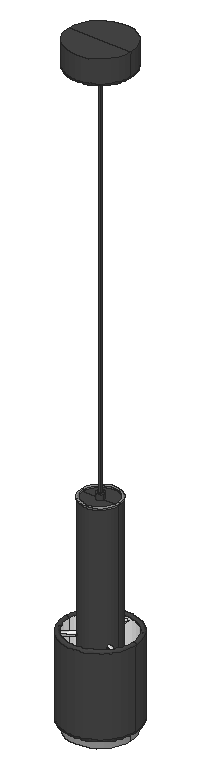
Revit family "Artek_Lighting_Pendant Light A110 “Hand Grenade”_A110 “Hand Grenade“_quick_ship", category Lighting Fixtures, Revit 2018
Family settings
  Round Connector Dimension = Use Diameter
  Part Type = Normal
  OmniClass Number = 23.80.70.00
  OmniClass Title = Lighting
  Work Plane-Based = No
  Always vertical = Yes
  Cut with Voids When Loaded = No
  Light Source = Yes
  Shared = No
  Room Calculation Point = No
Parameters (values of type "A110 "Hand Grenade", 29100101")
  Wattage = 9.2903 W
  WarrantyStartDate [instance] = "n/a"
  WarrantyGuarantorParts = "n/a"
  WarrantyGuarantorLabor = "n/a"
  WarrantyDurationUnit = "Years"
  WarrantyDurationParts = "n/a"
  WarrantyDurationLabor = "n/a"
  WarrantyDescription = "n/a"
  built-in parameter 1150110 = 1 (stored number, unit not read)
  VersionDate = "11/3/2020"  # constant formula
  Version = "1"  # constant formula
  UsageCurrent = 0 A
  Uniclass2015Reference = "Pr_70_70_48_62"
  Uniclass2015Description = "Pendant  luminaires"
  Uniclass2 = "Pr_70_70_49_86"
  URL = "https://www.artek.fi/en/products/pendant-light-a110-hand-grenade"
  TotalWattage = 12 W
  built-in parameter 1114217 = 1 (stored number, unit not read)
  built-in parameter 1150109 = 1 (stored number, unit not read)
  built-in parameter 1150134 = (empty or 0)
  TagNumber [instance] = "n/a"
  SustainabilityPerformance = "n/a"
  built-in parameter 1150113 = 1 (stored number, unit not read)
  Socket = "E27"
  Size = "160x440x160 mm"
  Shape = "Sculptured"
  SerialNumber [instance] = "n/a"
  Revision = "n/a"
  ReplacementCost = "n/a"
  ProductInformation = "This elegant pendant light is nicknamed “Hand Grenade” for its distinctive shape."
  Product data url = ""
  PhaseReference = "n/a"
  PhaseAngle = 0.00°
  NumberOfSources = 0
  NumberOfPoles = 1
  NominalWidth = 150 mm
  NominalVoltageCalc = 0 V
  NominalVoltage = 240 V
  NominalRadius = NominalDiameter / 2  # 75 mm
  NominalLength = 150 mm
  NominalHeight [instance] = 447 mm + CableLengthControl + 50 mm  # 1297 mm
  NominalFrequencyRange = 60 Hz
  NominalDiameter = NominalLength  # 150 mm
  NominalCurrent = 0 A
  Name = "A110 \"Hand Grenade\""
  NBSReference = "90-60-50/405"
  NBSDescription = "General purpose luminaires"
  ModelReference = "n/a"
  ModelNumber = "29100101"
  Model = "A110 \"Hand Grenade\", 29100101"
  Material = "Steel, powder coated"
  ManufacturersSpecificInformation = "This luminaire is compatible with bulbs of the energy classes: A to G"
  ManufacturerURL = "https://www.artek.fi/"
  ManufacturerName = "Artek"
  Manufacturer = "Artek"
  MaintenanceFactor = 0
  Lumens = 1380 lm
  built-in parameter 1150115 = 1 (stored number, unit not read)
  built-in parameter 1150105 = 109.82 (stored number, unit not read)
  LightFixtureTertiaryMaterial = Black plastic
  LightFixtureSecondaryMaterial = Brass
  LightFixturePlacingType = "Ceiling"
  LightFixtureMountingType = "Suspended"
  LightFixtureMainMaterial = Black Steel
  Light Source Symbol Size = 609.6 mm
  built-in parameter 1150137 = (empty or 0)
  built-in parameter 1150139 = (empty or 0)
  built-in parameter 1150112 = 1 (stored number, unit not read)
  built-in parameter 1150114 = 1 (stored number, unit not read)
  InsulationStandardClass = "Class II"
  InstallationDate [instance] = "n/a"
  built-in parameter 1150132 = 2
  built-in parameter 1150102 = (empty or 0)
  built-in parameter 1150138 = (empty or 0)
  built-in parameter 1150107 = 3000 (stored number, unit not read)
  built-in parameter 1150106 = 1.0982 (stored number, unit not read)
  IfcExportType = "NOTDEFINED"  # constant formula
  IfcExportAs = "IfcLightFixtureType"  # constant formula
  IP_Code = "IP20"
  HasProtectiveEarth = no
  Grade = "n/a"
  Finish = "n/a"
  Features = "n/a"
  ExpectedLife = "n/a"
  ElectricalDeviceNominalPower = 0
  built-in parameter 1150104 = 13.8 (stored number, unit not read)
  DurationUnit = "Years"
  Dimming Lamp Color Temperature Shift = <None>
  Designer = "Alvar Aalto"
  Description = "This elegant pendant light is nicknamed “Hand Grenade” for its distinctive shape."
  DefaultElevation = 0 mm
  ConvergoRefNr = "0190-2009-0053-FI"  # constant formula
  Constituents = "n/a"
  Color Filter = 16777215
  Color = "Black oak"
  Collection = "Pendant Lights"
  CodePerformance = "n/a"
  Category = "Lighting"
  CableLengthControl [instance] = if(CableLength < 250 mm, 250 mm, if(CableLength > 1500 mm, 1500 mm, CableLength))  # 800 mm
  CableLength [instance] = 800 mm
  Brand = "Artek"
  Barcode [instance] = "n/a"
  built-in parameter 1114218 = 1 (stored number, unit not read)
  BIMObjectName = "Artek_Lighting_Pendant Light A110 “Hand Grenade”_A110 “Hand Grenade“_quick_ship"  # constant formula
  Author = "Convergo AB"  # constant formula
  built-in parameter 1150133 = 10 (stored number, unit not read)
  AssetType = "Fixed"
  AssetIdentifier [instance] = "n/a"
  ArticleNumber = "29100101"
  AccessibilityPerformance = "n/a"
Reference planes
  plane 1 "Light Source Axis (F/B)": y = 0
  plane 2: z = 0
  plane 3 "Light Source Axis (L/R)": x = 0
  plane 4 "Light Source Elevation": z = 102
  plane 5: x = -75
  plane 6: x = 75
  plane 7: y = 75
  plane 8: y = -75
  plane 9: z = 1297
Dimensions and locks
  equal spacing: plane 5, plane 3 "Light Source Axis (L/R)", plane 6
  "NominalLength": plane 5 to plane 6
  equal spacing: plane 7, plane 1 "Light Source Axis (F/B)", plane 8
  "NominalWidth": plane 7 to plane 8
  "NominalHeight": plane 9 to plane 2
  aligned and locked: plane 3 "Light Source Axis (L/R)" to imposter light
  aligned and locked: plane 1 "Light Source Axis (F/B)" to imposter light
  aligned and locked: plane 4 "Light Source Elevation" to imposter light
  aligned and locked: level to plane 2
  aligned and locked: nested 1 to plane 2
Nested families
  nested 1: "A110" at (0, 0, 0), Body <- "LightFixtureMainMaterial", Border <- "LightFixtureSecondaryMaterial", Cable <- "LightFixtureTertiaryMaterial", CableLenght <- "CableLengthControl", type "A110"
    with CableLenght 800 mm, Cable Black plastic, Border Brass, Body Black Steel
Connectors
  electrical at (0, 0, 1297.009)
    settings: on nested 1, index 1, voltage 240 V, apparent load 0 VA, apparent load phase1 0 VA, apparent load phase2 0 VA, apparent load phase3 0 VA, power factor 1, load classification "Other", number of poles 1, system type 31, power factor state 1, is connector primary yes, connector utility no, sub classification motor no, connector description ""
Definition of nested family "A110"
  Parameters (values of type "A110")
    CableLenght [instance] = 1000 mm
    Cable [instance] = none
    Border [instance] = none
    Body [instance] = none
    Bars = none
  Reference planes
    plane 1 "Center (Front/Back)": y = 0
    plane 2: z = 0
    plane 3 "Center (Left/Right)": x = 0
    plane 4: z = 447.01
    plane 5: z = 1447.01
  Forms (mm)
    Revolve 1, solid, material <- "Body", detail levels medium+fine
      sketch origin (0, 0, 0) x (1, 0, 0) y (0, 0, 1)
        loop
          line (0, 1497.009) -> (-65, 1497.009) -> (-65, 1450.009)
          arc (-65, 1450.009) -> (-64.121, 1447.888) -> (-62, 1447.009) r 3
          line (-62, 1447.009) -> (0, 1447.009) -> (0, 1497.009)
        loop
          line (0, 447.001) -> (-6.459, 447.001)
          arc (-6.459, 447.001) -> (-7.195, 446.696) -> (-7.5, 445.96) r 1.041
          line (-7.5, 445.96) -> (-7.5, 435.001) -> (-38, 435.001) -> (-38, 158) -> (0, 158) -> (0, 447.001)
        axis (0, 1497.009) -> (0, 158)
      angle from 0 to 360
    Sweep 2, solid, material <- "Border", detail levels medium+fine
      path in 3D
        loop
          arc (38, 0, 435.001) -> (0, -38, 435.001) -> (-38, 0, 435.001) r 38
          arc (-38, 0, 435.001) -> (0, 38, 435.001) -> (38, 0, 435.001) r 38
      profile origin (0, 38, 435.001) x (0, 1, 0) y (0, 0, 1)
        loop
          circle (0, 1.999) r 2
    Sweep 3, solid, material <- "Body", detail levels medium+fine
      path origin (0, 0, 0) x (1, 0, 0) y (0, 1, 0)
        loop
          circle (0, 0) r 70.985
      profile origin (0, 70.985, 0) x (0, -1, 0) y (0, 0, 1)
        loop
          line (-4.015, 184) -> (4.015, 184)
          arc (4.015, 184) -> (0, 188.015) -> (-4.015, 184) r 4.015
    Extrusion 4, solid, material <- "Body", detail levels medium+fine
      sketch origin (0, 0, 0) x (1, 0, 0) y (0, 1, 0)
        loop
          circle (0, 0) r 75
        loop
          circle (0, 0) r 70
      from 22 to 184
    Sweep 5, solid, material <- "Body", detail levels medium+fine
      path origin (0, 0, 206) x (0, -1, 0) y (1, 0, 0)
        loop
          circle (0, 0) r 70.985
      profile origin (0, 70.985, 206) x (0, -1, 0) y (0, 0, 1)
        loop
          arc (-4.015, -184) -> (0, -188.015) -> (4.015, -184) r 4.015
          line (4.015, -184) -> (-4.015, -184)
    Extrusion 6, solid, material <- "Border", detail levels medium+fine
      sketch origin (0, 0, 0) x (1, 0, 0) y (0, 1, 0)
        loop
          circle (0, 0) r 64
        loop
          circle (0, 0) r 62.996
      from 0 to 27
    Extrusion 7, solid, material <- "Body", detail levels medium+fine
      sketch origin (0, 0, 0) x (0, 1, 0) y (0, 0, 1)
        loop
          circle (0, 23.042) r 1.492
      from 62 to 74
    Extrusion 8, solid, material <- "Body", detail levels medium+fine
      sketch origin (0, 0, 0) x (-1, 0, 0) y (0, 0, 1)
        loop
          circle (0, 23.042) r 1.492
      from 62 to 74
    Extrusion 9, solid, material <- "Body", detail levels medium+fine
      sketch origin (0, 0, 0) x (0, -1, 0) y (0, 0, 1)
        loop
          circle (0, 23.042) r 1.492
      from 62 to 74
    Extrusion 10, solid, material <- "Body", detail levels medium+fine
      sketch origin (0, 0, 0) x (1, 0, 0) y (0, 0, 1)
        loop
          circle (0, 23.042) r 1.492
      from 62 to 74
    Extrusion 11, solid, material <- "Bars", detail levels medium+fine
      sketch origin (0, 0, 0) x (1, 0, 0) y (0, 0, 1)
        loop
          circle (0, 176) r 3.5
      from -38.114 to -70.896
    Extrusion 12, solid, material <- "Bars", detail levels medium+fine
      sketch origin (0, 0, 0) x (-0.5, 0.866025, 0) y (0, 0, 1)
        loop
          circle (0, 176) r 3.5
      from -38.114 to -70.896
    Extrusion 13, solid, material <- "Bars", detail levels medium+fine
      sketch origin (0, 0, 0) x (-0.5, -0.866025, 0) y (0, 0, 1)
        loop
          circle (0, 176) r 3.5
      from -38.114 to -70.896
    Extrusion 14, solid, material <- "Body", detail levels coarse
      sketch origin (0, 0, 0) x (1, 0, 0) y (0, 1, 0)
        loop
          line (-75, 0) -> (-75, -75) -> (0, -75) -> (75, -75) -> (75, 0) -> (75, 75) -> (0, 75) -> (-75, 75) -> (-75, 0)
      from 0 to 1497.009
    Extrusion 15, solid, material <- "Bars", detail levels medium+fine
      sketch origin (0, 0, 0) x (1, 0, 0) y (0, 1, 0)
        loop
          circle (0, 0) r 66.969
        loop
          circle (0, 0) r 70
      from 22 to 184
    Extrusion 16, solid, material <- "Cable", detail levels medium+fine
      sketch origin (0, 0, 0) x (1, 0, 0) y (0, 1, 0)
        loop
          circle (0, 0) r 2
      from 447.01 to 1447.01
  Cuts and joins
    joined: Sweep 3, Extrusion 4, Sweep 5, Extrusion 7, Extrusion 8, Extrusion 9, Extrusion 10
  Lines and regions (mm)
    sketch lines
      curve 1: arc (-38, 0, 435.001) -> (0, 38, 435.001) -> (38, 0, 435.001) r 38
      curve 2: arc (38, 0, 435.001) -> (0, -38, 435.001) -> (-38, 0, 435.001) r 38
    symbolic lines, detail levels medium+fine
      curve 3: line (0, 0, 1497.009) -> (-65, 0, 1497.009)
      curve 4: line (-65, 0, 1497.009) -> (-65, 0, 1450.012)
      curve 5: arc (-65, 0, 1450.012) -> (-64.121, 0, 1447.889) -> (-61.997, 0, 1447.01) r 3.003
      curve 6: line (-61.997, 0, 1447.01) -> (-1.997, 0, 1447.01)
      curve 7: line (-1.997, 0, 1447.01) -> (-1.997, 0, 447.01)
      curve 8: line (-1.997, 0, 447.01) -> (-6.423, 0, 447.01)
      curve 9: arc (-6.423, 0, 447.01) -> (-7.19, 0, 446.692) -> (-7.508, 0, 445.925) r 1.085
      curve 10: line (-7.508, 0, 445.925) -> (-7.508, 0, 439.002)
      curve 11: line (-7.508, 0, 439.002) -> (-37.885, 0, 439.002)
      curve 12: arc (-37.885, 0, 439.002) -> (-39.887, 0, 437.058) -> (-38, 0, 435.001) r 2.002
      curve 13: line (-38, 0, 435.001) -> (-38, 0, 188.019)
      curve 14: line (-38, 0, 188.019) -> (-70.642, 0, 188.019)
      curve 15: arc (-70.642, 0, 188.019) -> (-73.736, 0, 186.737) -> (-75.018, 0, 183.643) r 4.376
      curve 16: line (-75.018, 0, 183.643) -> (-75.018, 0, 21.736)
      curve 17: arc (-75.018, 0, 21.736) -> (-73.915, 0, 19.073) -> (-71.252, 0, 17.97) r 3.766
      curve 18: line (-71.252, 0, 17.97) -> (-64.003, 0, 17.97)
      curve 19: line (-64.003, 0, 17.97) -> (-64.003, 0, 0)
      curve 20: line (-64.003, 0, 0) -> (0, 0, 0)
      curve 25: line (0, 0, 1497.009) -> (65, 0, 1497.009)
      curve 26: line (65, 0, 1497.009) -> (65, 0, 1450.012)
      curve 27: arc (65, 0, 1450.012) -> (64.121, 0, 1447.889) -> (61.997, 0, 1447.01) r 3.003
      curve 28: line (61.997, 0, 1447.01) -> (1.997, 0, 1447.01)
      curve 29: line (1.997, 0, 1447.01) -> (1.997, 0, 447.01)
      curve 30: line (1.997, 0, 447.01) -> (6.423, 0, 447.01)
      curve 31: arc (6.423, 0, 447.01) -> (7.19, 0, 446.692) -> (7.508, 0, 445.925) r 1.085
      curve 32: line (7.508, 0, 445.925) -> (7.508, 0, 439.002)
      curve 33: line (7.508, 0, 439.002) -> (37.885, 0, 439.002)
      curve 34: arc (37.885, 0, 439.002) -> (39.887, 0, 437.058) -> (38, 0, 435.001) r 2.002
      curve 35: line (38, 0, 435.001) -> (38, 0, 188.019)
      curve 36: line (38, 0, 188.019) -> (70.642, 0, 188.019)
      curve 37: arc (70.642, 0, 188.019) -> (73.736, 0, 186.737) -> (75.018, 0, 183.643) r 4.376
      curve 38: line (75.018, 0, 183.643) -> (75.018, 0, 21.736)
      curve 39: arc (75.018, 0, 21.736) -> (73.915, 0, 19.073) -> (71.252, 0, 17.97) r 3.766
      curve 40: line (71.252, 0, 17.97) -> (64.003, 0, 17.97)
      curve 41: line (64.003, 0, 17.97) -> (64.003, 0, 0)
      curve 42: line (64.003, 0, 0) -> (0, 0, 0)
      curve 49: line (0, 0, 1497.009) -> (0, 65, 1497.009)
      curve 50: line (0, 65, 1497.009) -> (0, 65, 1449.762)
      curve 51: arc (0, 65, 1449.762) -> (0, 64.194, 1447.815) -> (0, 62.247, 1447.009) r 2.753
      curve 52: line (0, 62.247, 1447.009) -> (0, 2.009, 1447.009)
      curve 53: line (0, 2.009, 1447.009) -> (0, 2.009, 447.001)
      curve 54: line (0, 2.009, 447.001) -> (0, 6.138, 447.001)
      curve 55: arc (0, 6.138, 447.001) -> (0, 7.122, 446.594) -> (0, 7.529, 445.61) r 1.391
      curve 56: line (0, 7.529, 445.61) -> (0, 7.529, 438.981)
      curve 57: line (0, 7.529, 438.981) -> (0, 38.039, 438.981)
      curve 58: arc (0, 38.039, 438.981) -> (0, 40.029, 436.972) -> (0, 38, 435.001) r 1.99
      curve 59: line (0, 38, 435.001) -> (0, 38, 188.059)
      curve 60: line (0, 38, 188.059) -> (0, 70.439, 188.059)
      curve 61: arc (0, 70.439, 188.059) -> (0, 73.665, 186.723) -> (0, 75.002, 183.497) r 4.562
      curve 62: line (0, 75.002, 183.497) -> (0, 75.002, 22.051)
      curve 63: arc (0, 75.002, 22.051) -> (0, 73.809, 19.172) -> (0, 70.93, 17.979) r 4.072
      curve 64: line (0, 70.93, 17.979) -> (0, 64.016, 17.979)
      curve 65: line (0, 64.016, 17.979) -> (0, 64.016, 0)
      curve 66: line (0, 64.016, 0) -> (0, 0, 0)
      curve 73: line (0, 0, 1497.009) -> (0, -65, 1497.009)
      curve 74: line (0, -65, 1497.009) -> (0, -65, 1449.762)
      curve 75: arc (0, -65, 1449.762) -> (0, -64.194, 1447.815) -> (0, -62.247, 1447.009) r 2.753
      curve 76: line (0, -62.247, 1447.009) -> (0, -2.009, 1447.009)
      curve 77: line (0, -2.009, 1447.009) -> (0, -2.009, 447.001)
      curve 78: line (0, -2.009, 447.001) -> (0, -6.138, 447.001)
      curve 79: arc (0, -6.138, 447.001) -> (0, -7.122, 446.594) -> (0, -7.529, 445.61) r 1.391
      curve 80: line (0, -7.529, 445.61) -> (0, -7.529, 438.981)
      curve 81: line (0, -7.529, 438.981) -> (0, -38.039, 438.981)
      curve 82: arc (0, -38.039, 438.981) -> (0, -40.029, 436.972) -> (0, -38, 435.001) r 1.99
      curve 83: line (0, -38, 435.001) -> (0, -38, 188.059)
      curve 84: line (0, -38, 188.059) -> (0, -70.439, 188.059)
      curve 85: arc (0, -70.439, 188.059) -> (0, -73.665, 186.723) -> (0, -75.002, 183.497) r 4.562
      curve 86: line (0, -75.002, 183.497) -> (0, -75.002, 22.051)
      curve 87: arc (0, -75.002, 22.051) -> (0, -73.809, 19.172) -> (0, -70.93, 17.979) r 4.072
      curve 88: line (0, -70.93, 17.979) -> (0, -64.016, 17.979)
      curve 89: line (0, -64.016, 17.979) -> (0, -64.016, 0)
      curve 90: line (0, -64.016, 0) -> (0, 0, 0)
      curve 97: circle (0, 0, 0) r 75 normal (0, 0, 1)
    symbolic lines, detail levels fine
      curve 21: line (-7.508, 0, 439.002) -> (0, 0, 439.002)
      curve 22: line (-38, 0, 435.001) -> (0, 0, 435.001)
      curve 23: line (-38, 0, 188.019) -> (0, 0, 188.019)
      curve 24: line (-64.003, 0, 17.97) -> (0, 0, 17.97)
      curve 43: line (1.997, 0, 1447.01) -> (0, 0, 1447.01)
      curve 44: line (1.997, 0, 447.01) -> (0, 0, 447.01)
      curve 45: line (7.508, 0, 439.002) -> (0, 0, 439.002)
      curve 46: line (38, 0, 435.001) -> (0, 0, 435.001)
      curve 47: line (38, 0, 188.019) -> (0, 0, 188.019)
      curve 48: line (64.003, 0, 17.97) -> (0, 0, 17.97)
      curve 67: line (0, 2.009, 1447.009) -> (0, 0, 1447.009)
      curve 68: line (0, 2.009, 447.001) -> (0, 0, 447.001)
      curve 69: line (0, 7.529, 438.981) -> (0, 0, 438.981)
      curve 70: line (0, 38, 435.001) -> (0, 0, 435.001)
      curve 71: line (0, 38, 188.059) -> (0, 0, 188.059)
      curve 72: line (0, 64.016, 17.979) -> (0, 0, 17.979)
      curve 91: line (0, -2.009, 1447.009) -> (0, 0, 1447.009)
      curve 92: line (0, -2.009, 447.001) -> (0, 0, 447.001)
      curve 93: line (0, -7.529, 438.981) -> (0, 0, 438.981)
      curve 94: line (0, -38, 435.001) -> (0, 0, 435.001)
      curve 95: line (0, -38, 188.059) -> (0, 0, 188.059)
      curve 96: line (0, -64.016, 17.979) -> (0, 0, 17.979)
      curve 98: circle (0, 0, 0) r 66.969 normal (0, 0, 1)
      curve 99: arc (-3.556, 63.901, 0) -> (-55.436, 31.982, 0) -> (-57.099, -28.908, 0) r 64
      curve 100: arc (-3.556, 62.896, 0) -> (-54.567, 31.48, 0) -> (-56.228, -28.406, 0) r 62.996
      curve 101: circle (0, 0, 0) r 40 normal (0, 0, 1)
      curve 102: circle (0, 0, 0) r 35.91 normal (0, 0, 1)
      curve 103: circle (0, 0, 0) r 7.5 normal (0, 0, 1)
      curve 104: line (-3.556, 66.875, 0) -> (-3.556, 63.901, 0)
      curve 105: line (3.556, 66.875, 0) -> (3.556, 63.901, 0)
      curve 106: line (-3.556, 63.901, 0) -> (-3.556, 62.896, 0)
      curve 107: line (-3.556, 62.896, 0) -> (-3.556, 39.842, 0)
      curve 108: line (3.556, 63.901, 0) -> (3.556, 62.896, 0)
      curve 109: line (3.556, 62.896, 0) -> (3.556, 39.842, 0)
      curve 110: line (-59.674, -30.395, 0) -> (-57.099, -28.908, 0)
      curve 111: line (-56.167, -36.471, 0) -> (-53.592, -34.984, 0)
      curve 112: line (-57.099, -28.908, 0) -> (-56.228, -28.406, 0)
      curve 113: line (-56.228, -28.406, 0) -> (-36.264, -16.879, 0)
      curve 114: arc (-52.721, -34.482, 0) -> (0.011, -62.996, 0) -> (52.733, -34.464, 0) r 62.996
      curve 115: line (-52.721, -34.482, 0) -> (-32.757, -22.955, 0)
      curve 116: arc (-53.592, -34.984, 0) -> (0.011, -64, 0) -> (53.603, -34.967, 0) r 64
      curve 117: line (-53.592, -34.984, 0) -> (-52.721, -34.482, 0)
      curve 118: line (59.676, -30.392, 0) -> (57.101, -28.905, 0)
      curve 119: line (32.77, -22.938, 0) -> (52.733, -34.464, 0)
      curve 120: line (52.733, -34.464, 0) -> (53.603, -34.967, 0)
      curve 121: line (53.603, -34.967, 0) -> (56.179, -36.453, 0)
      curve 122: arc (56.23, -28.402, 0) -> (61.104, -15.323, 0) -> (62.979, -1.492, 0) r 62.996
      curve 123: line (56.23, -28.402, 0) -> (36.266, -16.876, 0)
      curve 124: arc (57.101, -28.905, 0) -> (62.074, -15.583, 0) -> (63.983, -1.492, 0) r 64
      curve 125: line (57.101, -28.905, 0) -> (56.23, -28.402, 0)
      curve 126: line (66.953, 1.492, 0) -> (63.983, 1.492, 0)
      curve 127: line (62, 1.492, 0) -> (62, -1.492, 0)
      curve 128: line (62, -1.492, 0) -> (62.979, -1.492, 0)
      curve 129: line (62.979, 1.492, 0) -> (62, 1.492, 0)
      curve 130: arc (62.979, 1.492, 0) -> (45.269, 43.809, 0) -> (3.556, 62.896, 0) r 62.996
      curve 131: arc (63.983, 1.492, 0) -> (45.979, 44.519, 0) -> (3.556, 63.901, 0) r 64
      curve 132: arc (62.979, -1.492, 0) -> (62.996, 0, 0) -> (62.979, 1.492, 0) r 62.996
      curve 133: line (63.983, -1.492, 0) -> (66.953, -1.492, 0)
      curve 134: arc (63.983, -1.492, 0) -> (64, 0, 0) -> (63.983, 1.492, 0) r 64
      curve 135: line (-62, 1.492, 0) -> (-62.979, 1.492, 0)
      curve 136: line (-62, 1.492, 0) -> (-62, -1.492, 0)
      curve 137: line (-62, -1.492, 0) -> (-62.979, -1.492, 0)
      curve 138: line (-63.983, 1.492, 0) -> (-66.953, 1.492, 0)
      curve 139: line (-63.983, -1.492, 0) -> (-66.953, -1.492, 0)
      curve 140: line (-1.492, -62, 0) -> (-1.492, -62.979, 0)
      curve 141: line (1.492, -62, 0) -> (1.492, -62.979, 0)
      curve 142: line (1.492, -62, 0) -> (-1.492, -62, 0)
      curve 143: line (-1.492, -63.983, 0) -> (-1.492, -66.953, 0)
      curve 144: line (1.492, -63.983, 0) -> (1.492, -66.953, 0)
      curve 145: line (-1.997, 0, 447.01) -> (0, 0, 447.01)
      curve 146: line (-1.997, 0, 1447.01) -> (0, 0, 1447.01)
      curve 147: spline (61.871, 0, 1.448) -> (61.548, 0, 1.705) -> (61.246, 0, 2.458) -> (60.987, 0, 3.656) -> (60.788, 0, 5.217) -> (60.663, 0, 7.034) -> (60.62, 0, 8.985) -> (60.663, 0, 10.936) -> (60.788, 0, 12.753) -> (60.987, 0, 14.314) -> (61.246, 0, 15.512) -> (61.548, 0, 16.265) -> (61.871, 0, 16.522) -> (62.195, 0, 16.265) -> (62.497, 0, 15.512) -> (62.756, 0, 14.314) -> (62.955, 0, 12.753) -> (63.08, 0, 10.936) -> (63.123, 0, 8.985) -> (63.08, 0, 7.034) -> (62.955, 0, 5.217) -> (62.756, 0, 3.656) -> (62.497, 0, 2.458) -> (62.195, 0, 1.705) -> (61.871, 0, 1.448)
      curve 148: spline (57.871, 0, 1.448) -> (57.548, 0, 1.705) -> (57.246, 0, 2.458) -> (56.987, 0, 3.656) -> (56.788, 0, 5.217) -> (56.663, 0, 7.034) -> (56.62, 0, 8.985) -> (56.663, 0, 10.936) -> (56.788, 0, 12.753) -> (56.987, 0, 14.314) -> (57.246, 0, 15.512) -> (57.548, 0, 16.265) -> (57.871, 0, 16.522) -> (58.195, 0, 16.265) -> (58.497, 0, 15.512) -> (58.756, 0, 14.314) -> (58.955, 0, 12.753) -> (59.08, 0, 10.936) -> (59.123, 0, 8.985) -> (59.08, 0, 7.034) -> (58.955, 0, 5.217) -> (58.756, 0, 3.656) -> (58.497, 0, 2.458) -> (58.195, 0, 1.705) -> (57.871, 0, 1.448)
      curve 149: spline (53.869, 0, 1.448) -> (53.545, 0, 1.705) -> (53.244, 0, 2.458) -> (52.985, 0, 3.656) -> (52.786, 0, 5.217) -> (52.661, 0, 7.034) -> (52.618, 0, 8.985) -> (52.661, 0, 10.936) -> (52.786, 0, 12.753) -> (52.985, 0, 14.314) -> (53.244, 0, 15.512) -> (53.545, 0, 16.265) -> (53.869, 0, 16.522) -> (54.193, 0, 16.265) -> (54.495, 0, 15.512) -> (54.754, 0, 14.314) -> (54.953, 0, 12.753) -> (55.078, 0, 10.936) -> (55.12, 0, 8.985) -> (55.078, 0, 7.034) -> (54.953, 0, 5.217) -> (54.754, 0, 3.656) -> (54.495, 0, 2.458) -> (54.193, 0, 1.705) -> (53.869, 0, 1.448)
      curve 150: spline (49.869, 0, 1.448) -> (49.545, 0, 1.705) -> (49.244, 0, 2.458) -> (48.985, 0, 3.656) -> (48.786, 0, 5.217) -> (48.661, 0, 7.034) -> (48.618, 0, 8.985) -> (48.661, 0, 10.936) -> (48.786, 0, 12.753) -> (48.985, 0, 14.314) -> (49.244, 0, 15.512) -> (49.545, 0, 16.265) -> (49.869, 0, 16.522) -> (50.193, 0, 16.265) -> (50.495, 0, 15.512) -> (50.754, 0, 14.314) -> (50.953, 0, 12.753) -> (51.078, 0, 10.936) -> (51.12, 0, 8.985) -> (51.078, 0, 7.034) -> (50.953, 0, 5.217) -> (50.754, 0, 3.656) -> (50.495, 0, 2.458) -> (50.193, 0, 1.705) -> (49.869, 0, 1.448)
      curve 151: spline (45.867, 0, 1.448) -> (45.543, 0, 1.705) -> (45.242, 0, 2.458) -> (44.982, 0, 3.656) -> (44.784, 0, 5.217) -> (44.659, 0, 7.034) -> (44.616, 0, 8.985) -> (44.659, 0, 10.936) -> (44.784, 0, 12.753) -> (44.982, 0, 14.314) -> (45.242, 0, 15.512) -> (45.543, 0, 16.265) -> (45.867, 0, 16.522) -> (46.191, 0, 16.265) -> (46.493, 0, 15.512) -> (46.752, 0, 14.314) -> (46.951, 0, 12.753) -> (47.076, 0, 10.936) -> (47.118, 0, 8.985) -> (47.076, 0, 7.034) -> (46.951, 0, 5.217) -> (46.752, 0, 3.656) -> (46.493, 0, 2.458) -> (46.191, 0, 1.705) -> (45.867, 0, 1.448)
      curve 152: spline (41.867, 0, 1.448) -> (41.543, 0, 1.705) -> (41.242, 0, 2.458) -> (40.982, 0, 3.656) -> (40.784, 0, 5.217) -> (40.659, 0, 7.034) -> (40.616, 0, 8.985) -> (40.659, 0, 10.936) -> (40.784, 0, 12.753) -> (40.982, 0, 14.314) -> (41.242, 0, 15.512) -> (41.543, 0, 16.265) -> (41.867, 0, 16.522) -> (42.191, 0, 16.265) -> (42.493, 0, 15.512) -> (42.752, 0, 14.314) -> (42.951, 0, 12.753) -> (43.076, 0, 10.936) -> (43.118, 0, 8.985) -> (43.076, 0, 7.034) -> (42.951, 0, 5.217) -> (42.752, 0, 3.656) -> (42.493, 0, 2.458) -> (42.191, 0, 1.705) -> (41.867, 0, 1.448)
      curve 153: spline (37.865, 0, 1.448) -> (37.541, 0, 1.705) -> (37.239, 0, 2.458) -> (36.98, 0, 3.656) -> (36.781, 0, 5.217) -> (36.656, 0, 7.034) -> (36.614, 0, 8.985) -> (36.656, 0, 10.936) -> (36.781, 0, 12.753) -> (36.98, 0, 14.314) -> (37.239, 0, 15.512) -> (37.541, 0, 16.265) -> (37.865, 0, 16.522) -> (38.189, 0, 16.265) -> (38.49, 0, 15.512) -> (38.75, 0, 14.314) -> (38.948, 0, 12.753) -> (39.073, 0, 10.936) -> (39.116, 0, 8.985) -> (39.073, 0, 7.034) -> (38.948, 0, 5.217) -> (38.75, 0, 3.656) -> (38.49, 0, 2.458) -> (38.189, 0, 1.705) -> (37.865, 0, 1.448)
      curve 154: spline (33.865, 0, 1.448) -> (33.541, 0, 1.705) -> (33.239, 0, 2.458) -> (32.98, 0, 3.656) -> (32.781, 0, 5.217) -> (32.656, 0, 7.034) -> (32.614, 0, 8.985) -> (32.656, 0, 10.936) -> (32.781, 0, 12.753) -> (32.98, 0, 14.314) -> (33.239, 0, 15.512) -> (33.541, 0, 16.265) -> (33.865, 0, 16.522) -> (34.189, 0, 16.265) -> (34.49, 0, 15.512) -> (34.75, 0, 14.314) -> (34.948, 0, 12.753) -> (35.073, 0, 10.936) -> (35.116, 0, 8.985) -> (35.073, 0, 7.034) -> (34.948, 0, 5.217) -> (34.75, 0, 3.656) -> (34.49, 0, 2.458) -> (34.189, 0, 1.705) -> (33.865, 0, 1.448)
      curve 155: spline (29.863, 0, 1.448) -> (29.539, 0, 1.705) -> (29.237, 0, 2.458) -> (28.978, 0, 3.656) -> (28.779, 0, 5.217) -> (28.654, 0, 7.034) -> (28.612, 0, 8.985) -> (28.654, 0, 10.936) -> (28.779, 0, 12.753) -> (28.978, 0, 14.314) -> (29.237, 0, 15.512) -> (29.539, 0, 16.265) -> (29.863, 0, 16.522) -> (30.186, 0, 16.265) -> (30.488, 0, 15.512) -> (30.747, 0, 14.314) -> (30.946, 0, 12.753) -> (31.071, 0, 10.936) -> (31.114, 0, 8.985) -> (31.071, 0, 7.034) -> (30.946, 0, 5.217) -> (30.747, 0, 3.656) -> (30.488, 0, 2.458) -> (30.186, 0, 1.705) -> (29.863, 0, 1.448)
      curve 156: spline (25.863, 0, 1.448) -> (25.539, 0, 1.705) -> (25.237, 0, 2.458) -> (24.978, 0, 3.656) -> (24.779, 0, 5.217) -> (24.654, 0, 7.034) -> (24.612, 0, 8.985) -> (24.654, 0, 10.936) -> (24.779, 0, 12.753) -> (24.978, 0, 14.314) -> (25.237, 0, 15.512) -> (25.539, 0, 16.265) -> (25.863, 0, 16.522) -> (26.186, 0, 16.265) -> (26.488, 0, 15.512) -> (26.747, 0, 14.314) -> (26.946, 0, 12.753) -> (27.071, 0, 10.936) -> (27.114, 0, 8.985) -> (27.071, 0, 7.034) -> (26.946, 0, 5.217) -> (26.747, 0, 3.656) -> (26.488, 0, 2.458) -> (26.186, 0, 1.705) -> (25.863, 0, 1.448)
      curve 157: spline (21.86, 0, 1.448) -> (21.537, 0, 1.705) -> (21.235, 0, 2.458) -> (20.976, 0, 3.656) -> (20.777, 0, 5.217) -> (20.652, 0, 7.034) -> (20.609, 0, 8.985) -> (20.652, 0, 10.936) -> (20.777, 0, 12.753) -> (20.976, 0, 14.314) -> (21.235, 0, 15.512) -> (21.537, 0, 16.265) -> (21.86, 0, 16.522) -> (22.184, 0, 16.265) -> (22.486, 0, 15.512) -> (22.745, 0, 14.314) -> (22.944, 0, 12.753) -> (23.069, 0, 10.936) -> (23.112, 0, 8.985) -> (23.069, 0, 7.034) -> (22.944, 0, 5.217) -> (22.745, 0, 3.656) -> (22.486, 0, 2.458) -> (22.184, 0, 1.705) -> (21.86, 0, 1.448)
      curve 158: spline (17.86, 0, 1.448) -> (17.537, 0, 1.705) -> (17.235, 0, 2.458) -> (16.976, 0, 3.656) -> (16.777, 0, 5.217) -> (16.652, 0, 7.034) -> (16.609, 0, 8.985) -> (16.652, 0, 10.936) -> (16.777, 0, 12.753) -> (16.976, 0, 14.314) -> (17.235, 0, 15.512) -> (17.537, 0, 16.265) -> (17.86, 0, 16.522) -> (18.184, 0, 16.265) -> (18.486, 0, 15.512) -> (18.745, 0, 14.314) -> (18.944, 0, 12.753) -> (19.069, 0, 10.936) -> (19.112, 0, 8.985) -> (19.069, 0, 7.034) -> (18.944, 0, 5.217) -> (18.745, 0, 3.656) -> (18.486, 0, 2.458) -> (18.184, 0, 1.705) -> (17.86, 0, 1.448)
      curve 159: spline (13.858, 0, 1.448) -> (13.534, 0, 1.705) -> (13.233, 0, 2.458) -> (12.974, 0, 3.656) -> (12.775, 0, 5.217) -> (12.65, 0, 7.034) -> (12.607, 0, 8.985) -> (12.65, 0, 10.936) -> (12.775, 0, 12.753) -> (12.974, 0, 14.314) -> (13.233, 0, 15.512) -> (13.534, 0, 16.265) -> (13.858, 0, 16.522) -> (14.182, 0, 16.265) -> (14.484, 0, 15.512) -> (14.743, 0, 14.314) -> (14.942, 0, 12.753) -> (15.067, 0, 10.936) -> (15.109, 0, 8.985) -> (15.067, 0, 7.034) -> (14.942, 0, 5.217) -> (14.743, 0, 3.656) -> (14.484, 0, 2.458) -> (14.182, 0, 1.705) -> (13.858, 0, 1.448)
      curve 160: spline (9.858, 0, 1.448) -> (9.534, 0, 1.705) -> (9.233, 0, 2.458) -> (8.974, 0, 3.656) -> (8.775, 0, 5.217) -> (8.65, 0, 7.034) -> (8.607, 0, 8.985) -> (8.65, 0, 10.936) -> (8.775, 0, 12.753) -> (8.974, 0, 14.314) -> (9.233, 0, 15.512) -> (9.534, 0, 16.265) -> (9.858, 0, 16.522) -> (10.182, 0, 16.265) -> (10.484, 0, 15.512) -> (10.743, 0, 14.314) -> (10.942, 0, 12.753) -> (11.067, 0, 10.936) -> (11.109, 0, 8.985) -> (11.067, 0, 7.034) -> (10.942, 0, 5.217) -> (10.743, 0, 3.656) -> (10.484, 0, 2.458) -> (10.182, 0, 1.705) -> (9.858, 0, 1.448)
      curve 161: spline (5.856, 0, 1.448) -> (5.532, 0, 1.705) -> (5.23, 0, 2.458) -> (4.971, 0, 3.656) -> (4.773, 0, 5.217) -> (4.648, 0, 7.034) -> (4.605, 0, 8.985) -> (4.648, 0, 10.936) -> (4.773, 0, 12.753) -> (4.971, 0, 14.314) -> (5.23, 0, 15.512) -> (5.532, 0, 16.265) -> (5.856, 0, 16.522) -> (6.18, 0, 16.265) -> (6.482, 0, 15.512) -> (6.741, 0, 14.314) -> (6.94, 0, 12.753) -> (7.065, 0, 10.936) -> (7.107, 0, 8.985) -> (7.065, 0, 7.034) -> (6.94, 0, 5.217) -> (6.741, 0, 3.656) -> (6.482, 0, 2.458) -> (6.18, 0, 1.705) -> (5.856, 0, 1.448)
      curve 162: spline (1.856, 0, 1.448) -> (1.532, 0, 1.705) -> (1.23, 0, 2.458) -> (0.971, 0, 3.656) -> (0.773, 0, 5.217) -> (0.648, 0, 7.034) -> (0.605, 0, 8.985) -> (0.648, 0, 10.936) -> (0.773, 0, 12.753) -> (0.971, 0, 14.314) -> (1.23, 0, 15.512) -> (1.532, 0, 16.265) -> (1.856, 0, 16.522) -> (2.18, 0, 16.265) -> (2.482, 0, 15.512) -> (2.741, 0, 14.314) -> (2.94, 0, 12.753) -> (3.065, 0, 10.936) -> (3.107, 0, 8.985) -> (3.065, 0, 7.034) -> (2.94, 0, 5.217) -> (2.741, 0, 3.656) -> (2.482, 0, 2.458) -> (2.18, 0, 1.705) -> (1.856, 0, 1.448)
      curve 163: spline (-61.871, 0, 1.448) -> (-61.548, 0, 1.705) -> (-61.246, 0, 2.458) -> (-60.987, 0, 3.656) -> (-60.788, 0, 5.217) -> (-60.663, 0, 7.034) -> (-60.62, 0, 8.985) -> (-60.663, 0, 10.936) -> (-60.788, 0, 12.753) -> (-60.987, 0, 14.314) -> (-61.246, 0, 15.512) -> (-61.548, 0, 16.265) -> (-61.871, 0, 16.522) -> (-62.195, 0, 16.265) -> (-62.497, 0, 15.512) -> (-62.756, 0, 14.314) -> (-62.955, 0, 12.753) -> (-63.08, 0, 10.936) -> (-63.123, 0, 8.985) -> (-63.08, 0, 7.034) -> (-62.955, 0, 5.217) -> (-62.756, 0, 3.656) -> (-62.497, 0, 2.458) -> (-62.195, 0, 1.705) -> (-61.871, 0, 1.448)
      curve 164: spline (-57.871, 0, 1.448) -> (-57.548, 0, 1.705) -> (-57.246, 0, 2.458) -> (-56.987, 0, 3.656) -> (-56.788, 0, 5.217) -> (-56.663, 0, 7.034) -> (-56.62, 0, 8.985) -> (-56.663, 0, 10.936) -> (-56.788, 0, 12.753) -> (-56.987, 0, 14.314) -> (-57.246, 0, 15.512) -> (-57.548, 0, 16.265) -> (-57.871, 0, 16.522) -> (-58.195, 0, 16.265) -> (-58.497, 0, 15.512) -> (-58.756, 0, 14.314) -> (-58.955, 0, 12.753) -> (-59.08, 0, 10.936) -> (-59.123, 0, 8.985) -> (-59.08, 0, 7.034) -> (-58.955, 0, 5.217) -> (-58.756, 0, 3.656) -> (-58.497, 0, 2.458) -> (-58.195, 0, 1.705) -> (-57.871, 0, 1.448)
      curve 165: spline (-53.869, 0, 1.448) -> (-53.545, 0, 1.705) -> (-53.244, 0, 2.458) -> (-52.985, 0, 3.656) -> (-52.786, 0, 5.217) -> (-52.661, 0, 7.034) -> (-52.618, 0, 8.985) -> (-52.661, 0, 10.936) -> (-52.786, 0, 12.753) -> (-52.985, 0, 14.314) -> (-53.244, 0, 15.512) -> (-53.545, 0, 16.265) -> (-53.869, 0, 16.522) -> (-54.193, 0, 16.265) -> (-54.495, 0, 15.512) -> (-54.754, 0, 14.314) -> (-54.953, 0, 12.753) -> (-55.078, 0, 10.936) -> (-55.12, 0, 8.985) -> (-55.078, 0, 7.034) -> (-54.953, 0, 5.217) -> (-54.754, 0, 3.656) -> (-54.495, 0, 2.458) -> (-54.193, 0, 1.705) -> (-53.869, 0, 1.448)
      curve 166: spline (-49.869, 0, 1.448) -> (-49.545, 0, 1.705) -> (-49.244, 0, 2.458) -> (-48.985, 0, 3.656) -> (-48.786, 0, 5.217) -> (-48.661, 0, 7.034) -> (-48.618, 0, 8.985) -> (-48.661, 0, 10.936) -> (-48.786, 0, 12.753) -> (-48.985, 0, 14.314) -> (-49.244, 0, 15.512) -> (-49.545, 0, 16.265) -> (-49.869, 0, 16.522) -> (-50.193, 0, 16.265) -> (-50.495, 0, 15.512) -> (-50.754, 0, 14.314) -> (-50.953, 0, 12.753) -> (-51.078, 0, 10.936) -> (-51.12, 0, 8.985) -> (-51.078, 0, 7.034) -> (-50.953, 0, 5.217) -> (-50.754, 0, 3.656) -> (-50.495, 0, 2.458) -> (-50.193, 0, 1.705) -> (-49.869, 0, 1.448)
      curve 167: spline (-45.867, 0, 1.448) -> (-45.543, 0, 1.705) -> (-45.242, 0, 2.458) -> (-44.982, 0, 3.656) -> (-44.784, 0, 5.217) -> (-44.659, 0, 7.034) -> (-44.616, 0, 8.985) -> (-44.659, 0, 10.936) -> (-44.784, 0, 12.753) -> (-44.982, 0, 14.314) -> (-45.242, 0, 15.512) -> (-45.543, 0, 16.265) -> (-45.867, 0, 16.522) -> (-46.191, 0, 16.265) -> (-46.493, 0, 15.512) -> (-46.752, 0, 14.314) -> (-46.951, 0, 12.753) -> (-47.076, 0, 10.936) -> (-47.118, 0, 8.985) -> (-47.076, 0, 7.034) -> (-46.951, 0, 5.217) -> (-46.752, 0, 3.656) -> (-46.493, 0, 2.458) -> (-46.191, 0, 1.705) -> (-45.867, 0, 1.448)
      curve 168: spline (-41.867, 0, 1.448) -> (-41.543, 0, 1.705) -> (-41.242, 0, 2.458) -> (-40.982, 0, 3.656) -> (-40.784, 0, 5.217) -> (-40.659, 0, 7.034) -> (-40.616, 0, 8.985) -> (-40.659, 0, 10.936) -> (-40.784, 0, 12.753) -> (-40.982, 0, 14.314) -> (-41.242, 0, 15.512) -> (-41.543, 0, 16.265) -> (-41.867, 0, 16.522) -> (-42.191, 0, 16.265) -> (-42.493, 0, 15.512) -> (-42.752, 0, 14.314) -> (-42.951, 0, 12.753) -> (-43.076, 0, 10.936) -> (-43.118, 0, 8.985) -> (-43.076, 0, 7.034) -> (-42.951, 0, 5.217) -> (-42.752, 0, 3.656) -> (-42.493, 0, 2.458) -> (-42.191, 0, 1.705) -> (-41.867, 0, 1.448)
      curve 169: spline (-37.865, 0, 1.448) -> (-37.541, 0, 1.705) -> (-37.239, 0, 2.458) -> (-36.98, 0, 3.656) -> (-36.781, 0, 5.217) -> (-36.656, 0, 7.034) -> (-36.614, 0, 8.985) -> (-36.656, 0, 10.936) -> (-36.781, 0, 12.753) -> (-36.98, 0, 14.314) -> (-37.239, 0, 15.512) -> (-37.541, 0, 16.265) -> (-37.865, 0, 16.522) -> (-38.189, 0, 16.265) -> (-38.49, 0, 15.512) -> (-38.75, 0, 14.314) -> (-38.948, 0, 12.753) -> (-39.073, 0, 10.936) -> (-39.116, 0, 8.985) -> (-39.073, 0, 7.034) -> (-38.948, 0, 5.217) -> (-38.75, 0, 3.656) -> (-38.49, 0, 2.458) -> (-38.189, 0, 1.705) -> (-37.865, 0, 1.448)
      curve 170: spline (-33.865, 0, 1.448) -> (-33.541, 0, 1.705) -> (-33.239, 0, 2.458) -> (-32.98, 0, 3.656) -> (-32.781, 0, 5.217) -> (-32.656, 0, 7.034) -> (-32.614, 0, 8.985) -> (-32.656, 0, 10.936) -> (-32.781, 0, 12.753) -> (-32.98, 0, 14.314) -> (-33.239, 0, 15.512) -> (-33.541, 0, 16.265) -> (-33.865, 0, 16.522) -> (-34.189, 0, 16.265) -> (-34.49, 0, 15.512) -> (-34.75, 0, 14.314) -> (-34.948, 0, 12.753) -> (-35.073, 0, 10.936) -> (-35.116, 0, 8.985) -> (-35.073, 0, 7.034) -> (-34.948, 0, 5.217) -> (-34.75, 0, 3.656) -> (-34.49, 0, 2.458) -> (-34.189, 0, 1.705) -> (-33.865, 0, 1.448)
      curve 171: spline (-29.863, 0, 1.448) -> (-29.539, 0, 1.705) -> (-29.237, 0, 2.458) -> (-28.978, 0, 3.656) -> (-28.779, 0, 5.217) -> (-28.654, 0, 7.034) -> (-28.612, 0, 8.985) -> (-28.654, 0, 10.936) -> (-28.779, 0, 12.753) -> (-28.978, 0, 14.314) -> (-29.237, 0, 15.512) -> (-29.539, 0, 16.265) -> (-29.863, 0, 16.522) -> (-30.186, 0, 16.265) -> (-30.488, 0, 15.512) -> (-30.747, 0, 14.314) -> (-30.946, 0, 12.753) -> (-31.071, 0, 10.936) -> (-31.114, 0, 8.985) -> (-31.071, 0, 7.034) -> (-30.946, 0, 5.217) -> (-30.747, 0, 3.656) -> (-30.488, 0, 2.458) -> (-30.186, 0, 1.705) -> (-29.863, 0, 1.448)
      curve 172: spline (-25.863, 0, 1.448) -> (-25.539, 0, 1.705) -> (-25.237, 0, 2.458) -> (-24.978, 0, 3.656) -> (-24.779, 0, 5.217) -> (-24.654, 0, 7.034) -> (-24.612, 0, 8.985) -> (-24.654, 0, 10.936) -> (-24.779, 0, 12.753) -> (-24.978, 0, 14.314) -> (-25.237, 0, 15.512) -> (-25.539, 0, 16.265) -> (-25.863, 0, 16.522) -> (-26.186, 0, 16.265) -> (-26.488, 0, 15.512) -> (-26.747, 0, 14.314) -> (-26.946, 0, 12.753) -> (-27.071, 0, 10.936) -> (-27.114, 0, 8.985) -> (-27.071, 0, 7.034) -> (-26.946, 0, 5.217) -> (-26.747, 0, 3.656) -> (-26.488, 0, 2.458) -> (-26.186, 0, 1.705) -> (-25.863, 0, 1.448)
      curve 173: spline (-21.86, 0, 1.448) -> (-21.537, 0, 1.705) -> (-21.235, 0, 2.458) -> (-20.976, 0, 3.656) -> (-20.777, 0, 5.217) -> (-20.652, 0, 7.034) -> (-20.609, 0, 8.985) -> (-20.652, 0, 10.936) -> (-20.777, 0, 12.753) -> (-20.976, 0, 14.314) -> (-21.235, 0, 15.512) -> (-21.537, 0, 16.265) -> (-21.86, 0, 16.522) -> (-22.184, 0, 16.265) -> (-22.486, 0, 15.512) -> (-22.745, 0, 14.314) -> (-22.944, 0, 12.753) -> (-23.069, 0, 10.936) -> (-23.112, 0, 8.985) -> (-23.069, 0, 7.034) -> (-22.944, 0, 5.217) -> (-22.745, 0, 3.656) -> (-22.486, 0, 2.458) -> (-22.184, 0, 1.705) -> (-21.86, 0, 1.448)
      curve 174: spline (-17.86, 0, 1.448) -> (-17.537, 0, 1.705) -> (-17.235, 0, 2.458) -> (-16.976, 0, 3.656) -> (-16.777, 0, 5.217) -> (-16.652, 0, 7.034) -> (-16.609, 0, 8.985) -> (-16.652, 0, 10.936) -> (-16.777, 0, 12.753) -> (-16.976, 0, 14.314) -> (-17.235, 0, 15.512) -> (-17.537, 0, 16.265) -> (-17.86, 0, 16.522) -> (-18.184, 0, 16.265) -> (-18.486, 0, 15.512) -> (-18.745, 0, 14.314) -> (-18.944, 0, 12.753) -> (-19.069, 0, 10.936) -> (-19.112, 0, 8.985) -> (-19.069, 0, 7.034) -> (-18.944, 0, 5.217) -> (-18.745, 0, 3.656) -> (-18.486, 0, 2.458) -> (-18.184, 0, 1.705) -> (-17.86, 0, 1.448)
      curve 175: spline (-13.858, 0, 1.448) -> (-13.534, 0, 1.705) -> (-13.233, 0, 2.458) -> (-12.974, 0, 3.656) -> (-12.775, 0, 5.217) -> (-12.65, 0, 7.034) -> (-12.607, 0, 8.985) -> (-12.65, 0, 10.936) -> (-12.775, 0, 12.753) -> (-12.974, 0, 14.314) -> (-13.233, 0, 15.512) -> (-13.534, 0, 16.265) -> (-13.858, 0, 16.522) -> (-14.182, 0, 16.265) -> (-14.484, 0, 15.512) -> (-14.743, 0, 14.314) -> (-14.942, 0, 12.753) -> (-15.067, 0, 10.936) -> (-15.109, 0, 8.985) -> (-15.067, 0, 7.034) -> (-14.942, 0, 5.217) -> (-14.743, 0, 3.656) -> (-14.484, 0, 2.458) -> (-14.182, 0, 1.705) -> (-13.858, 0, 1.448)
      curve 176: spline (-9.858, 0, 1.448) -> (-9.534, 0, 1.705) -> (-9.233, 0, 2.458) -> (-8.974, 0, 3.656) -> (-8.775, 0, 5.217) -> (-8.65, 0, 7.034) -> (-8.607, 0, 8.985) -> (-8.65, 0, 10.936) -> (-8.775, 0, 12.753) -> (-8.974, 0, 14.314) -> (-9.233, 0, 15.512) -> (-9.534, 0, 16.265) -> (-9.858, 0, 16.522) -> (-10.182, 0, 16.265) -> (-10.484, 0, 15.512) -> (-10.743, 0, 14.314) -> (-10.942, 0, 12.753) -> (-11.067, 0, 10.936) -> (-11.109, 0, 8.985) -> (-11.067, 0, 7.034) -> (-10.942, 0, 5.217) -> (-10.743, 0, 3.656) -> (-10.484, 0, 2.458) -> (-10.182, 0, 1.705) -> (-9.858, 0, 1.448)
      curve 177: spline (-5.856, 0, 1.448) -> (-5.532, 0, 1.705) -> (-5.23, 0, 2.458) -> (-4.971, 0, 3.656) -> (-4.773, 0, 5.217) -> (-4.648, 0, 7.034) -> (-4.605, 0, 8.985) -> (-4.648, 0, 10.936) -> (-4.773, 0, 12.753) -> (-4.971, 0, 14.314) -> (-5.23, 0, 15.512) -> (-5.532, 0, 16.265) -> (-5.856, 0, 16.522) -> (-6.18, 0, 16.265) -> (-6.482, 0, 15.512) -> (-6.741, 0, 14.314) -> (-6.94, 0, 12.753) -> (-7.065, 0, 10.936) -> (-7.107, 0, 8.985) -> (-7.065, 0, 7.034) -> (-6.94, 0, 5.217) -> (-6.741, 0, 3.656) -> (-6.482, 0, 2.458) -> (-6.18, 0, 1.705) -> (-5.856, 0, 1.448)
      curve 178: spline (-1.856, 0, 1.448) -> (-1.532, 0, 1.705) -> (-1.23, 0, 2.458) -> (-0.971, 0, 3.656) -> (-0.773, 0, 5.217) -> (-0.648, 0, 7.034) -> (-0.605, 0, 8.985) -> (-0.648, 0, 10.936) -> (-0.773, 0, 12.753) -> (-0.971, 0, 14.314) -> (-1.23, 0, 15.512) -> (-1.532, 0, 16.265) -> (-1.856, 0, 16.522) -> (-2.18, 0, 16.265) -> (-2.482, 0, 15.512) -> (-2.741, 0, 14.314) -> (-2.94, 0, 12.753) -> (-3.065, 0, 10.936) -> (-3.107, 0, 8.985) -> (-3.065, 0, 7.034) -> (-2.94, 0, 5.217) -> (-2.741, 0, 3.656) -> (-2.482, 0, 2.458) -> (-2.18, 0, 1.705) -> (-1.856, 0, 1.448)
      curve 179: spline (0, 60.532, 1.523) -> (0, 60.187, 1.777) -> (0, 59.865, 2.523) -> (0, 59.589, 3.71) -> (0, 59.377, 5.256) -> (0, 59.244, 7.057) -> (0, 59.198, 8.99) -> (0, 59.244, 10.922) -> (0, 59.377, 12.723) -> (0, 59.589, 14.269) -> (0, 59.865, 15.456) -> (0, 60.187, 16.202) -> (0, 60.532, 16.456) -> (0, 60.877, 16.202) -> (0, 61.199, 15.456) -> (0, 61.475, 14.269) -> (0, 61.687, 12.723) -> (0, 61.82, 10.922) -> (0, 61.866, 8.99) -> (0, 61.82, 7.057) -> (0, 61.687, 5.256) -> (0, 61.475, 3.71) -> (0, 61.199, 2.523) -> (0, 60.877, 1.777) -> (0, 60.532, 1.523)
      curve 180: spline (0, 56.365, 1.523) -> (0, 56.019, 1.777) -> (0, 55.698, 2.523) -> (0, 55.422, 3.71) -> (0, 55.21, 5.256) -> (0, 55.076, 7.057) -> (0, 55.031, 8.99) -> (0, 55.076, 10.922) -> (0, 55.21, 12.723) -> (0, 55.422, 14.269) -> (0, 55.698, 15.456) -> (0, 56.019, 16.202) -> (0, 56.365, 16.456) -> (0, 56.71, 16.202) -> (0, 57.032, 15.456) -> (0, 57.308, 14.269) -> (0, 57.52, 12.723) -> (0, 57.653, 10.922) -> (0, 57.698, 8.99) -> (0, 57.653, 7.057) -> (0, 57.52, 5.256) -> (0, 57.308, 3.71) -> (0, 57.032, 2.523) -> (0, 56.71, 1.777) -> (0, 56.365, 1.523)
      curve 181: spline (0, 52.197, 1.523) -> (0, 51.852, 1.777) -> (0, 51.53, 2.523) -> (0, 51.254, 3.71) -> (0, 51.042, 5.256) -> (0, 50.909, 7.057) -> (0, 50.864, 8.99) -> (0, 50.909, 10.922) -> (0, 51.042, 12.723) -> (0, 51.254, 14.269) -> (0, 51.53, 15.456) -> (0, 51.852, 16.202) -> (0, 52.197, 16.456) -> (0, 52.542, 16.202) -> (0, 52.864, 15.456) -> (0, 53.14, 14.269) -> (0, 53.352, 12.723) -> (0, 53.486, 10.922) -> (0, 53.531, 8.99) -> (0, 53.486, 7.057) -> (0, 53.352, 5.256) -> (0, 53.14, 3.71) -> (0, 52.864, 2.523) -> (0, 52.542, 1.777) -> (0, 52.197, 1.523)
      curve 182: spline (0, 48.03, 1.523) -> (0, 47.685, 1.777) -> (0, 47.363, 2.523) -> (0, 47.087, 3.71) -> (0, 46.875, 5.256) -> (0, 46.742, 7.057) -> (0, 46.696, 8.99) -> (0, 46.742, 10.922) -> (0, 46.875, 12.723) -> (0, 47.087, 14.269) -> (0, 47.363, 15.456) -> (0, 47.685, 16.202) -> (0, 48.03, 16.456) -> (0, 48.375, 16.202) -> (0, 48.697, 15.456) -> (0, 48.973, 14.269) -> (0, 49.185, 12.723) -> (0, 49.318, 10.922) -> (0, 49.364, 8.99) -> (0, 49.318, 7.057) -> (0, 49.185, 5.256) -> (0, 48.973, 3.71) -> (0, 48.697, 2.523) -> (0, 48.375, 1.777) -> (0, 48.03, 1.523)
      curve 183: spline (0, 43.863, 1.523) -> (0, 43.517, 1.777) -> (0, 43.196, 2.523) -> (0, 42.919, 3.71) -> (0, 42.708, 5.256) -> (0, 42.574, 7.057) -> (0, 42.529, 8.99) -> (0, 42.574, 10.922) -> (0, 42.708, 12.723) -> (0, 42.919, 14.269) -> (0, 43.196, 15.456) -> (0, 43.517, 16.202) -> (0, 43.863, 16.456) -> (0, 44.208, 16.202) -> (0, 44.529, 15.456) -> (0, 44.806, 14.269) -> (0, 45.018, 12.723) -> (0, 45.151, 10.922) -> (0, 45.196, 8.99) -> (0, 45.151, 7.057) -> (0, 45.018, 5.256) -> (0, 44.806, 3.71) -> (0, 44.529, 2.523) -> (0, 44.208, 1.777) -> (0, 43.863, 1.523)
      curve 184: spline (0, 39.695, 1.523) -> (0, 39.35, 1.777) -> (0, 39.028, 2.523) -> (0, 38.752, 3.71) -> (0, 38.54, 5.256) -> (0, 38.407, 7.057) -> (0, 38.361, 8.99) -> (0, 38.407, 10.922) -> (0, 38.54, 12.723) -> (0, 38.752, 14.269) -> (0, 39.028, 15.456) -> (0, 39.35, 16.202) -> (0, 39.695, 16.456) -> (0, 40.04, 16.202) -> (0, 40.362, 15.456) -> (0, 40.638, 14.269) -> (0, 40.85, 12.723) -> (0, 40.983, 10.922) -> (0, 41.029, 8.99) -> (0, 40.983, 7.057) -> (0, 40.85, 5.256) -> (0, 40.638, 3.71) -> (0, 40.362, 2.523) -> (0, 40.04, 1.777) -> (0, 39.695, 1.523)
      curve 185: spline (0, 35.528, 1.523) -> (0, 35.183, 1.777) -> (0, 34.861, 2.523) -> (0, 34.585, 3.71) -> (0, 34.373, 5.256) -> (0, 34.24, 7.057) -> (0, 34.194, 8.99) -> (0, 34.24, 10.922) -> (0, 34.373, 12.723) -> (0, 34.585, 14.269) -> (0, 34.861, 15.456) -> (0, 35.183, 16.202) -> (0, 35.528, 16.456) -> (0, 35.873, 16.202) -> (0, 36.195, 15.456) -> (0, 36.471, 14.269) -> (0, 36.683, 12.723) -> (0, 36.816, 10.922) -> (0, 36.861, 8.99) -> (0, 36.816, 7.057) -> (0, 36.683, 5.256) -> (0, 36.471, 3.71) -> (0, 36.195, 2.523) -> (0, 35.873, 1.777) -> (0, 35.528, 1.523)
      curve 186: spline (0, 31.36, 1.523) -> (0, 31.015, 1.777) -> (0, 30.694, 2.523) -> (0, 30.417, 3.71) -> (0, 30.205, 5.256) -> (0, 30.072, 7.057) -> (0, 30.027, 8.99) -> (0, 30.072, 10.922) -> (0, 30.205, 12.723) -> (0, 30.417, 14.269) -> (0, 30.694, 15.456) -> (0, 31.015, 16.202) -> (0, 31.36, 16.456) -> (0, 31.706, 16.202) -> (0, 32.027, 15.456) -> (0, 32.303, 14.269) -> (0, 32.515, 12.723) -> (0, 32.649, 10.922) -> (0, 32.694, 8.99) -> (0, 32.649, 7.057) -> (0, 32.515, 5.256) -> (0, 32.303, 3.71) -> (0, 32.027, 2.523) -> (0, 31.706, 1.777) -> (0, 31.36, 1.523)
      curve 187: spline (0, 27.193, 1.523) -> (0, 26.848, 1.777) -> (0, 26.526, 2.523) -> (0, 26.25, 3.71) -> (0, 26.038, 5.256) -> (0, 25.905, 7.057) -> (0, 25.859, 8.99) -> (0, 25.905, 10.922) -> (0, 26.038, 12.723) -> (0, 26.25, 14.269) -> (0, 26.526, 15.456) -> (0, 26.848, 16.202) -> (0, 27.193, 16.456) -> (0, 27.538, 16.202) -> (0, 27.86, 15.456) -> (0, 28.136, 14.269) -> (0, 28.348, 12.723) -> (0, 28.481, 10.922) -> (0, 28.527, 8.99) -> (0, 28.481, 7.057) -> (0, 28.348, 5.256) -> (0, 28.136, 3.71) -> (0, 27.86, 2.523) -> (0, 27.538, 1.777) -> (0, 27.193, 1.523)
      curve 188: spline (0, 23.026, 1.523) -> (0, 22.68, 1.777) -> (0, 22.359, 2.523) -> (0, 22.083, 3.71) -> (0, 21.871, 5.256) -> (0, 21.737, 7.057) -> (0, 21.692, 8.99) -> (0, 21.737, 10.922) -> (0, 21.871, 12.723) -> (0, 22.083, 14.269) -> (0, 22.359, 15.456) -> (0, 22.68, 16.202) -> (0, 23.026, 16.456) -> (0, 23.371, 16.202) -> (0, 23.692, 15.456) -> (0, 23.969, 14.269) -> (0, 24.181, 12.723) -> (0, 24.314, 10.922) -> (0, 24.359, 8.99) -> (0, 24.314, 7.057) -> (0, 24.181, 5.256) -> (0, 23.969, 3.71) -> (0, 23.692, 2.523) -> (0, 23.371, 1.777) -> (0, 23.026, 1.523)
      curve 189: spline (0, 18.858, 1.523) -> (0, 18.513, 1.777) -> (0, 18.191, 2.523) -> (0, 17.915, 3.71) -> (0, 17.703, 5.256) -> (0, 17.57, 7.057) -> (0, 17.525, 8.99) -> (0, 17.57, 10.922) -> (0, 17.703, 12.723) -> (0, 17.915, 14.269) -> (0, 18.191, 15.456) -> (0, 18.513, 16.202) -> (0, 18.858, 16.456) -> (0, 19.203, 16.202) -> (0, 19.525, 15.456) -> (0, 19.801, 14.269) -> (0, 20.013, 12.723) -> (0, 20.147, 10.922) -> (0, 20.192, 8.99) -> (0, 20.147, 7.057) -> (0, 20.013, 5.256) -> (0, 19.801, 3.71) -> (0, 19.525, 2.523) -> (0, 19.203, 1.777) -> (0, 18.858, 1.523)
      curve 190: spline (0, 14.691, 1.523) -> (0, 14.346, 1.777) -> (0, 14.024, 2.523) -> (0, 13.748, 3.71) -> (0, 13.536, 5.256) -> (0, 13.403, 7.057) -> (0, 13.357, 8.99) -> (0, 13.403, 10.922) -> (0, 13.536, 12.723) -> (0, 13.748, 14.269) -> (0, 14.024, 15.456) -> (0, 14.346, 16.202) -> (0, 14.691, 16.456) -> (0, 15.036, 16.202) -> (0, 15.358, 15.456) -> (0, 15.634, 14.269) -> (0, 15.846, 12.723) -> (0, 15.979, 10.922) -> (0, 16.025, 8.99) -> (0, 15.979, 7.057) -> (0, 15.846, 5.256) -> (0, 15.634, 3.71) -> (0, 15.358, 2.523) -> (0, 15.036, 1.777) -> (0, 14.691, 1.523)
      curve 191: spline (0, 10.524, 1.523) -> (0, 10.178, 1.777) -> (0, 9.857, 2.523) -> (0, 9.58, 3.71) -> (0, 9.368, 5.256) -> (0, 9.235, 7.057) -> (0, 9.19, 8.99) -> (0, 9.235, 10.922) -> (0, 9.368, 12.723) -> (0, 9.58, 14.269) -> (0, 9.857, 15.456) -> (0, 10.178, 16.202) -> (0, 10.524, 16.456) -> (0, 10.869, 16.202) -> (0, 11.19, 15.456) -> (0, 11.467, 14.269) -> (0, 11.679, 12.723) -> (0, 11.812, 10.922) -> (0, 11.857, 8.99) -> (0, 11.812, 7.057) -> (0, 11.679, 5.256) -> (0, 11.467, 3.71) -> (0, 11.19, 2.523) -> (0, 10.869, 1.777) -> (0, 10.524, 1.523)
      curve 192: spline (0, 6.356, 1.523) -> (0, 6.011, 1.777) -> (0, 5.689, 2.523) -> (0, 5.413, 3.71) -> (0, 5.201, 5.256) -> (0, 5.068, 7.057) -> (0, 5.022, 8.99) -> (0, 5.068, 10.922) -> (0, 5.201, 12.723) -> (0, 5.413, 14.269) -> (0, 5.689, 15.456) -> (0, 6.011, 16.202) -> (0, 6.356, 16.456) -> (0, 6.701, 16.202) -> (0, 7.023, 15.456) -> (0, 7.299, 14.269) -> (0, 7.511, 12.723) -> (0, 7.644, 10.922) -> (0, 7.69, 8.99) -> (0, 7.644, 7.057) -> (0, 7.511, 5.256) -> (0, 7.299, 3.71) -> (0, 7.023, 2.523) -> (0, 6.701, 1.777) -> (0, 6.356, 1.523)
      curve 193: spline (0, 2.189, 1.523) -> (0, 1.844, 1.777) -> (0, 1.522, 2.523) -> (0, 1.246, 3.71) -> (0, 1.034, 5.256) -> (0, 0.901, 7.057) -> (0, 0.855, 8.99) -> (0, 0.901, 10.922) -> (0, 1.034, 12.723) -> (0, 1.246, 14.269) -> (0, 1.522, 15.456) -> (0, 1.844, 16.202) -> (0, 2.189, 16.456) -> (0, 2.534, 16.202) -> (0, 2.856, 15.456) -> (0, 3.132, 14.269) -> (0, 3.344, 12.723) -> (0, 3.477, 10.922) -> (0, 3.522, 8.99) -> (0, 3.477, 7.057) -> (0, 3.344, 5.256) -> (0, 3.132, 3.71) -> (0, 2.856, 2.523) -> (0, 2.534, 1.777) -> (0, 2.189, 1.523)
      curve 194: spline (0, -60.532, 1.523) -> (0, -60.187, 1.777) -> (0, -59.865, 2.523) -> (0, -59.589, 3.71) -> (0, -59.377, 5.256) -> (0, -59.244, 7.057) -> (0, -59.198, 8.99) -> (0, -59.244, 10.922) -> (0, -59.377, 12.723) -> (0, -59.589, 14.269) -> (0, -59.865, 15.456) -> (0, -60.187, 16.202) -> (0, -60.532, 16.456) -> (0, -60.877, 16.202) -> (0, -61.199, 15.456) -> (0, -61.475, 14.269) -> (0, -61.687, 12.723) -> (0, -61.82, 10.922) -> (0, -61.866, 8.99) -> (0, -61.82, 7.057) -> (0, -61.687, 5.256) -> (0, -61.475, 3.71) -> (0, -61.199, 2.523) -> (0, -60.877, 1.777) -> (0, -60.532, 1.523)
      curve 195: spline (0, -56.365, 1.523) -> (0, -56.019, 1.777) -> (0, -55.698, 2.523) -> (0, -55.422, 3.71) -> (0, -55.21, 5.256) -> (0, -55.076, 7.057) -> (0, -55.031, 8.99) -> (0, -55.076, 10.922) -> (0, -55.21, 12.723) -> (0, -55.422, 14.269) -> (0, -55.698, 15.456) -> (0, -56.019, 16.202) -> (0, -56.365, 16.456) -> (0, -56.71, 16.202) -> (0, -57.032, 15.456) -> (0, -57.308, 14.269) -> (0, -57.52, 12.723) -> (0, -57.653, 10.922) -> (0, -57.698, 8.99) -> (0, -57.653, 7.057) -> (0, -57.52, 5.256) -> (0, -57.308, 3.71) -> (0, -57.032, 2.523) -> (0, -56.71, 1.777) -> (0, -56.365, 1.523)
      curve 196: spline (0, -52.197, 1.523) -> (0, -51.852, 1.777) -> (0, -51.53, 2.523) -> (0, -51.254, 3.71) -> (0, -51.042, 5.256) -> (0, -50.909, 7.057) -> (0, -50.864, 8.99) -> (0, -50.909, 10.922) -> (0, -51.042, 12.723) -> (0, -51.254, 14.269) -> (0, -51.53, 15.456) -> (0, -51.852, 16.202) -> (0, -52.197, 16.456) -> (0, -52.542, 16.202) -> (0, -52.864, 15.456) -> (0, -53.14, 14.269) -> (0, -53.352, 12.723) -> (0, -53.486, 10.922) -> (0, -53.531, 8.99) -> (0, -53.486, 7.057) -> (0, -53.352, 5.256) -> (0, -53.14, 3.71) -> (0, -52.864, 2.523) -> (0, -52.542, 1.777) -> (0, -52.197, 1.523)
